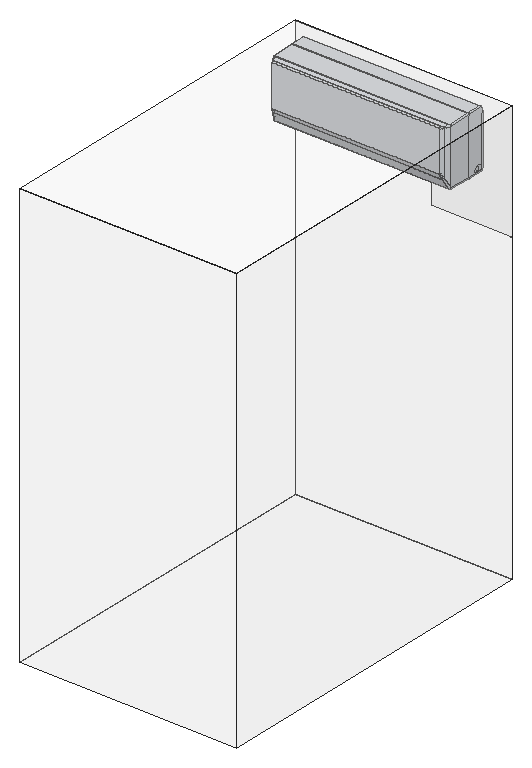
Revit family "pk-rp28_112laka18_60hz", category 機械設備, Revit 2019
Family settings
  丸型コネクタ寸法 = 直径を使用
  パーツ タイプ = 標準
  OmniClass 番号 = 23.75.10.24.21.27.27
  OmniClass タイトル = Split System Air Conditioning Units
  作業面ベース = いいえ
  常に垂直 = はい
  ロード時にボイドで切り取り = いいえ
  共有 = いいえ
  部屋計算ポイント = はい
Parameters (values of type "壁掛_PK-RP28LA2")
  風量_静 (m3/min) = 6.3
  風量_強 (m3/min) = 8.7
  風量_弱 (m3/min) = 7.3
  風量_中 (m3/min) = 8
  風量 = MAX風量  # 522.0 m³/h
  音響パワーレベル（静）(dB) = 45
  音響パワーレベル（弱）(dB) = 48
  音響パワーレベル（中）(dB) = 50
  音響パワーレベル(dB) = 52
  電源種別 = ""
  電源_H = 0 mm
  電圧_電気ヒーター = 0 V
  電圧 = 200 V
  電動機出力_送風機 = 0.03 kW
  運転質量 = 0.00 kg
  連動 = ""
  質量 = if(製品質量 > 運転質量, 製品質量, 運転質量) * 1.2  # 15.00 kg
  負荷分類 = 3_ファン類
  構成品番 = "PK-RP28LA"
  壁掛_PK-RP80_112KA17 = no
  壁掛_PK-RP56_71KA17 = no
  壁掛_PK-RP40_50LA = yes
  冷媒液管位置-Z = 280 mm
  冷媒液管位置-Y = 23 mm
  冷媒液管位置-X = 711 mm
  冷媒ガス管位置-Z = 268 mm
  冷媒ガス管位置-Y = 23 mm
  冷媒ガス管位置-X = 642 mm
  ドレン管径 (外径) = 22 mm
  ドレン位置-Z = 274 mm
  ドレン位置-Y = 37 mm
  ドレン位置-X = 660 mm
  サービススペース PK-RP56KA～PK-RP71KA = no
  サービススペース PK-RP40LA～PK-RP50LA / PK-RP80KA～PK-RP112KA = yes
  URL = "https://www.mitsubishielectric.co.jp/ldg/wink/ssl/displayProduct.do?pid=323474"
  Space Top = 50 mm
  Space Right_1 = 260 mm
  Space Right = 150 mm
  Space Left = 50 mm
  Space Bot_2 = 250 mm
  Space Bot_1 = 7 mm
  MIN２風量 = [風量_静 (m3/min)] * 60.0 m³/h  # 378.0 m³/h
  MIN風量 = [風量_弱 (m3/min)] * 60.0 m³/h  # 438.0 m³/h
  MID風量 = [風量_中 (m3/min)] * 60.0 m³/h  # 480.0 m³/h
  MAX風量 = [風量_強 (m3/min)] * 60.0 m³/h  # 522.0 m³/h
  説明 = "店舗・事務所用パッケージエアコン(Mr.SLIM) 壁掛形<ワイヤード>"
  設計暖房能力 = 0.00 kW
  設計冷房能力_顕熱 = 0 kW
  設計冷房能力 = 0 kW
  設置方法 = "壁掛形"
  記号 = ""
  製造元 = "三菱電機株式会社"
  製品質量 = 12.50 kg
  製品出荷対象 = "国内"
  製品リリース年月 = "2022/10/11"
  製品グループ = ""
  系統 = ""
  符号 = "PAC_WR"
  積算_科目 = "1 空気調和設備"
  積算_拾い区分 [instance] = ""
  相 = 1
  盤記号 = ""
  発停方法 = "付属スイッチ"
  特殊仕様 = ""
  火災停止 = ""
  消費電力_電気ヒーター = 0.00 kW
  消費電力_暖房 = 0.02 kW
  消費電力_加湿器 = 0.00 kW
  消費電力_冷房 = 0.03 kW
  消費電力 = if(消費電力_冷房 > 消費電力_暖房, 消費電力_冷房, 消費電力_暖房) + 消費電力_加湿器 + 消費電力_電気ヒーター  # 0.03 kW
  法定耐用年数 = "6"
  極数 = 1
  材質 = ""
  本体マテリアル = none
  有効加湿量 = 0
  暖房能力 = 2.80 kW
  推奨ブレーカー容量 = 0 A
  形式_加湿器 = ""
  形式 = "壁掛（露出）形"
  幹線記号 = ""
  始動方式 = "直入"
  呼称 = "室内機_壁掛（露出）形"
  周波数 = 60 Hz
  吊り位置Y = 0 mm
  吊り位置X = 0 mm
  吊りボルト_H = 0 mm
  台数_手元リモコン = ""
  台数_冷媒分岐ユニット = ""
  参照している仕様書等のバージョン = "公共建築工事標準仕様書（機械設備工事編）平成31年度版"
  加湿給水管径 = 0.00 mm
  分類コード = "50053003123070"
  分類グループ = ""
  冷房能力 = 2.5 kW
  冷媒高低圧ガス管径 = 0.00 mm
  冷媒管径符号 = "Ac"
  冷媒管径 = 100.00 mm
  冷媒液管径 = 6.35 mm
  冷媒ガス管径 = 12.70 mm
  企業コード = "108420"
  付属品_フィルター = ""
  付属品 = ""
  仕様書バージョン = "Version1.0"
  Model = ""
  パネルマテリアル = none
  ドレン管径 = 16.00 mm
  サービススペース = yes
  コメント [instance] = ""
  ケーブル種類 = ""
  ケーブルサイズ = 0 mm
  Width = 898 mm
  Uniclass2015Version = "Systems v1.9"
  Uniclass2015Title = "Split coil remote air cooled condensing units"
  Uniclass2015Code = "Pr_70_65_03_84"
  SpecificationReference = ""
  SpecificationDescription = ""
  S_H = 356 mm
  Revision = ""
  ProductInformation = ""
  OmniClassCode = "23-33 17 13 11"
  IfcTypeProduct = ""
  IfcProduct = ""
  IfcExportType = "AIRCONDITIONINGUNIT"
  IfcExportAs = "IfcUnitaryEquipmentType"
  Height = 299 mm
  Depth = 237 mm
  価格 = 212000
  Clearance Top = 50 mm
  Clearance Right = 150 mm
  Clearance Left = 50 mm
  Clearance Front = 1500 mm
  Clearance Bottom = 1800 mm
  Clearance Back = 0 mm
  Author = "三菱電機株式会社"
Reference planes
  plane 1 "中心(正面/背面)": y = 0
  plane 2: z = 11
  plane 3 "中心(左/右)": x = 0
  plane 4: x = -449
  plane 5: x = 449
  plane 6: z = -288
  plane 7: y = -242
  plane 8: y = -5
  plane 9: x = -211
  plane 10: x = -193
  plane 11: x = -262
  plane 12: y = -28
  plane 13: y = -28
  plane 14: y = -42
  plane 15: z = -269
  plane 16: z = -257
  plane 17: z = -263
  plane 18: z = 61
  plane 19: x = -499
  plane 20: x = 599
  plane 21: z = -295
  plane 22: z = -538
  plane 23: x = 189
  plane 24: y = -1742
  plane 25: z = -2088
  plane 26: x = -499
  plane 27: x = 599
  plane 28: y = -28
Forms (mm)
  Extrusion 1, solid, detail levels fine
    sketch origin (-88.875, 0, -1713) x (-1, 0, 0) y (0, 0, 1)
      loop
        line (-487.875, 1574) -> (-487.875, 1549) -> (-462.875, 1549) -> (-462.875, 1574) -> (-487.875, 1574)
    from -1 to 0
  Extrusion 2, solid, detail levels fine
    sketch origin (0, 0, 0) x (0, 1, 0) y (0, 0, 1)
      loop
        circle (-42, -263) r 11
    from 444 to 449
  Extrusion 3, solid, detail levels fine
    sketch origin (0, 0, 0) x (0, 1, 0) y (0, 0, 1)
      loop
        circle (-28, -263) r 15
    from 444 to 449
Dimensions and locks
  equal spacing: plane 5, plane 3 "中心(左/右)", plane 4
  "Width": plane 5 to plane 4
  "Height": level to plane 6
  locked: plane 8 to plane 1 "中心(正面/背面)" at 5
  "Depth": plane 7 to plane 8
  "ドレン位置-X": plane 5 to plane 9
  "冷媒ガス管位置-X": plane 5 to plane 10
  "冷媒液管位置-X": plane 5 to plane 11
  "ドレン位置-Y": plane 14 to plane 8
  "冷媒ガス管位置-Y": plane 13 to plane 8
  "冷媒液管位置-Y": plane 12 to plane 8
  "ドレン位置-Z": level to plane 17
  "冷媒ガス管位置-Z": level to plane 16
  "冷媒液管位置-Z": level to plane 15
  "Space Top": plane 18 to level
  "Space Left": plane 4 to plane 19
  "Space Right": plane 20 to plane 5
  "Space Bot_1": plane 6 to plane 21
  "Space Bot_2": plane 6 to plane 22
  "Space Right_1": plane 5 to plane 23
  equal spacing: plane 16, Extrusion 3 sketch curve, plane 15
  equal spacing: plane 12, Extrusion 3 sketch curve, plane 13
  locked: plane 5 to Extrusion 3 at 5
  "Clearance Front": plane 24 to plane 7
  "Clearance Bottom": plane 6 to plane 25
  "Clearance Left": plane 4 to plane 26
  "Clearance Right": plane 27 to plane 5
  plane 5 to Extrusion 1 sketch curve = 50 mm
  nested 3 to Extrusion 1 sketch curve = 150 mm
  "Clearance Top": nested 4 to plane 2
  "ドレン管径 (外径)": diameter of Extrusion 2 sketch curve
  aligned and locked: level to plane 2
  aligned and locked: plane 1 "中心(正面/背面)" to nested 1
  aligned and locked: plane 1 "中心(正面/背面)" to nested 2
  aligned and locked: plane 1 "中心(正面/背面)" to nested 3
  aligned and locked: level to nested 1
  aligned and locked: level to nested 3
  aligned and locked: plane 3 "中心(左/右)" to nested 2
  aligned and locked: plane 3 "中心(左/右)" to nested 1
  aligned and locked: plane 3 "中心(左/右)" to nested 3
  aligned and locked: plane 14 to Extrusion 2 sketch curve
  aligned and locked: plane 17 to Extrusion 2 sketch curve
  aligned and locked: plane 5 to Extrusion 3
  aligned and locked: plane 5 to Extrusion 2
  aligned and locked: Extrusion 3 to Extrusion 2
  aligned and locked: plane 1 "中心(正面/背面)" to nested 4
  aligned and locked: plane 24 to nested 4
  aligned and locked: plane 25 to nested 4
  aligned and locked: plane 26 to nested 4
  aligned and locked: plane 27 to nested 4
  aligned and locked: plane 18 to nested 4
  aligned and locked: plane 1 "中心(正面/背面)" to nested 5
  aligned and locked: plane 3 "中心(左/右)" to nested 5
  aligned and locked: plane 2 to nested 3
Automatic sketch dimensions
  Extrusion 1 sketch curve to plane 5 = 75 mm
  Extrusion 1 sketch curve to Extrusion 1 sketch curve = 25 mm
  radius of Extrusion 3 sketch curve = 15 mm
Nested families
  nested 1: "pk-rp40_50(la)ka17" at (0, 0, 10), type "壁掛_PK-RP40_50LA", detail levels fine
  nested 2: "pk-rp56_71(la)ka17" at (0, 0, 11), type "壁掛_PK-RP56_71KA17"
    with 壁掛_PK-RP56-71KA17 no
  nested 3: "pk-rp80_112(la)ka17" at (0, 0, 11), type "壁掛_PK-RP80_112KA17"
    with 壁掛_PK-RP80_112KA17 no, 冷媒液管径 6.35 mm, 冷媒ガス管径 12.70 mm
  nested 4: "サービススペース" at (50, -871, -1013.5), visible <- "サービススペース", type "サービススペース"
    with Width 1098 mm, Height 2149 mm, Depth 1742 mm
  nested 5: "Space View" at (0, 0, 11), Bot_1 <- "Space Bot_1", Bot_2 <- "Space Bot_2", Hight <- "Height", Left <- "Space Left", Right <- "Space Right", Right_1 <- "Space Right_1", Top <- "Space Top", Width <- "Width", Space View <- "サービススペース PK-RP40LA～PK-RP50LA / PK-RP80KA～PK-RP112KA", type "Space View"
    with Width 898 mm, Top 50 mm, Space View yes, Right_1 260 mm, Right 150 mm, Left 50 mm, Hight 299 mm, Bot_2 250 mm, Bot_1 7 mm
Connectors
  piping at (449, -42, -263), diameter 22, driven by "ドレン管径 (外径)"
    settings: on Extrusion 2, index 1, connector inside diameter 609.60 mm, connector length 0 mm, flow factor 0, pipe flow 0.0 L/s, pressure drop 0.0 Pa, fitting loss kfactor 0, connector angle 0.00°, fixture units 0, engagement length 0 mm, angle of deflection 0.00°, flow configuration 1, flow direction 2, fitting loss method 4, system type 16, joint type 0, gender type 0, connector reference index -1, connector utility 0, adjustable connector no, is connector primary yes, connector description ""
  piping at (449, -28, -263), diameter 100, driven by "冷媒管径", driven by "冷媒管径符号"
    settings: on Extrusion 3, index 2, connector inside diameter 609.60 mm, connector length 0 mm, flow factor 0, pipe flow 0.0 L/s, pressure drop 0.0 Pa, fitting loss kfactor 0, connector angle 0.00°, fixture units 0, engagement length 0 mm, angle of deflection 0.00°, flow configuration 1, flow direction 1, fitting loss method 4, system type 7, joint type 0, gender type 0, connector reference index -1, connector utility 0, adjustable connector no, is connector primary no, connector description "Ac"
  electrical at (386.5, 0, -151.5), driven by "極数", driven by "負荷分類", driven by "電圧", driven by "消費電力"
    settings: on Extrusion 1, index 3, voltage 200 V, apparent load 30 VA, apparent load phase1 0 VA, apparent load phase2 0 VA, apparent load phase3 0 VA, power factor 1, load classification "3_ファン類", number of poles 1, system type 30, power factor state 1, is connector primary yes, connector utility no, sub classification motor no, connector description ""
Definition of nested family "pk-rp40_50(la)ka17"
  Parameters (values of type "壁掛_PK-RP40_50LA")
    壁掛_PK-RP40_50LA = yes
    冷媒液管位置-Y = 37 mm
    冷媒液管位置-X = 711 mm
    冷媒ガス管位置-Y = 23 mm
    冷媒ガス管位置-X = 642 mm
    ドレン管径 (外径) = 22 mm
    ドレン位置-Y = 23 mm
    ドレン位置-X = 660 mm
    URL = ""
    Description = ""
    Manufacturer = ""
    冷媒管径符号 = "Ac"
    冷媒管径 = 100.00 mm
    冷媒液管位置-Z = 280 mm
    冷媒液管径 = 6.35 mm
    冷媒ガス管位置-Z = 268 mm
    冷媒ガス管径 = 12.70 mm
    Model = ""
    ドレン位置-Z = 274 mm
    ドレン管径 = 16.00 mm
    Width = 898 mm
    S_H = 356 mm
    Height = 299 mm
    Depth = 237 mm
    Cost = 0
  Reference planes
    plane 1 "中心(正面/背面)": y = 0
    plane 2: z = 1
    plane 3 "中心(左/右)": x = 0
    plane 4 "UNDER": z = -298
    plane 5 "Left": x = -449
    plane 6: x = 449
    plane 7 "Fkidasi_L": x = -400
    plane 8 "Fkidasi_X": x = -262
    plane 9 "Fkidasi_Y": x = -193
    plane 10: y = -5
    plane 11: y = -42
    plane 12: y = -242
    plane 13: z = -279
    plane 14: z = -267
    plane 15: z = -273
    plane 16: y = -28
    plane 17: y = -28
    plane 18: x = -211
    plane 19: z = 1
    plane 20: x = 0
    plane 21: x = 0
  Forms (mm)
    Extrusion 1, void, detail levels fine
      sketch origin (0, 75, -2499) x (0, -1, 0) y (0, 0, 1)
        loop
          line (89, 2500) -> (80, 2500) -> (80, 2487) -> (89, 2500)
      from 449 to -449
    Extrusion 2, solid, visible <- "壁掛_PK-RP40_50LA", detail levels fine
      sketch origin (0, 0, -2509.072) x (-1, 0, 0) y (0, 0, 1)
        loop
          line (449, 2485.072) -> (-449, 2485.072) -> (-449, 2224.072) -> (449, 2224.072) -> (449, 2485.072)
      from 0 to -5
    Extrusion 3, solid, visible <- "壁掛_PK-RP40_50LA", detail levels fine
      sketch origin (0, -5, -2499) x (0, 0, -1) y (-1, 0, 0)
        loop
          line (-2500, 444) -> (-2500, -444)
          arc (-2500, -444) -> (-2498.536, -447.536) -> (-2495, -449) r 5
          line (-2495, -449) -> (-2206, -449)
          arc (-2206, -449) -> (-2202.464, -447.536) -> (-2201, -444) r 5
          line (-2201, -444) -> (-2201, 444)
          arc (-2201, 444) -> (-2202.464, 447.536) -> (-2206, 449) r 5
          line (-2206, 449) -> (-2495, 449)
          arc (-2495, 449) -> (-2498.536, 447.536) -> (-2500, 444) r 5
      from 0 to -83
    Blend 4, solid, visible <- "壁掛_PK-RP40_50LA"
      base sketch origin (0, -202, -1799) x (0, 0, 1) y (1, 0, 0)
        loop
          line (1796, -444) -> (1796, 444)
          arc (1796, 444) -> (1794.536, 447.536) -> (1791, 449) r 5
          line (1791, 449) -> (1515, 449)
          arc (1515, 449) -> (1508.636, 446.364) -> (1506, 440) r 9
          line (1506, 440) -> (1506, -440)
          arc (1506, -440) -> (1508.636, -446.364) -> (1515, -449) r 9
          line (1515, -449) -> (1791, -449)
          arc (1791, -449) -> (1794.536, -447.536) -> (1796, -444) r 5
      top sketch origin (0, -202, -1799) x (0, 0, 1) y (1, 0, 0)
        loop
          line (1793, -427) -> (1793, 427)
          arc (1793, 427) -> (1791.536, 430.536) -> (1788, 432) r 5
          line (1788, 432) -> (1559, 432)
          arc (1559, 432) -> (1555.464, 430.536) -> (1554, 427) r 5
          line (1554, 427) -> (1554, -427)
          arc (1554, -427) -> (1555.464, -430.536) -> (1559, -432) r 5
          line (1559, -432) -> (1788, -432)
          arc (1788, -432) -> (1791.536, -430.536) -> (1793, -427) r 5
      from 0 to -25
    Blend 5, solid, visible <- "壁掛_PK-RP40_50LA", detail levels fine
      base sketch origin (0, -227, -1799) x (0, 0, 1) y (1, 0, 0)
        loop
          arc (1793, 427) -> (1791.536, 430.536) -> (1788, 432) r 5
          line (1788, 432) -> (1559, 432)
          arc (1559, 432) -> (1555.464, 430.536) -> (1554, 427) r 5
          line (1554, 427) -> (1554, -427)
          arc (1554, -427) -> (1555.464, -430.536) -> (1559, -432) r 5
          line (1559, -432) -> (1788, -432)
          arc (1788, -432) -> (1791.536, -430.536) -> (1793, -427) r 5
          line (1793, -427) -> (1793, 427)
      top sketch origin (0, -227, -1799) x (0, 0, 1) y (1, 0, 0)
        loop
          line (1793, -419) -> (1793, 419)
          arc (1793, 419) -> (1791.536, 422.536) -> (1788, 424) r 5
          line (1788, 424) -> (1590, 424)
          arc (1590, 424) -> (1586.464, 422.536) -> (1585, 419) r 5
          line (1585, 419) -> (1585, -419)
          arc (1585, -419) -> (1586.464, -422.536) -> (1590, -424) r 5
          line (1590, -424) -> (1788, -424)
          arc (1788, -424) -> (1791.536, -422.536) -> (1793, -419) r 5
      from 0 to -15
    Blend 6, solid, visible <- "壁掛_PK-RP40_50LA", detail levels fine
      base sketch origin (62.5, -88, -1799) x (0, 0, 1) y (1, 0, 0)
        loop
          arc (1800, 381.5) -> (1798.536, 385.036) -> (1795, 386.5) r 5
          line (1795, 386.5) -> (1506, 386.5)
          arc (1506, 386.5) -> (1502.464, 385.036) -> (1501, 381.5) r 5
          line (1501, 381.5) -> (1501, -506.5)
          arc (1501, -506.5) -> (1502.464, -510.036) -> (1506, -511.5) r 5
          line (1506, -511.5) -> (1795, -511.5)
          arc (1795, -511.5) -> (1798.536, -510.036) -> (1800, -506.5) r 5
          line (1800, -506.5) -> (1800, 381.5)
      top sketch origin (62.5, -88, -1799) x (0, 0, 1) y (1, 0, 0)
        loop
          line (1796, -506.5) -> (1796, 381.5)
          arc (1796, 381.5) -> (1794.536, 385.036) -> (1791, 386.5) r 5
          line (1791, 386.5) -> (1511, 386.5)
          arc (1511, 386.5) -> (1507.464, 385.036) -> (1506, 381.5) r 5
          line (1506, 381.5) -> (1506, -502.5)
          arc (1506, -502.5) -> (1508.636, -508.864) -> (1515, -511.5) r 9
          line (1515, -511.5) -> (1791, -511.5)
          arc (1791, -511.5) -> (1794.536, -510.036) -> (1796, -506.5) r 5
      from 0 to -114
    Sweep 7, solid, visible <- "壁掛_PK-RP40_50LA", detail levels fine
      path origin (0, 75, -1799) x (-1, 0, 0) y (0, 0, 1)
        loop
          line (262, 1521) -> (-271, 1521)
      profile origin (4.5, 75, -278) x (0, 0, -1) y (0, 1, 0)
        loop
          circle (1, -103) r 3.175
    Sweep 8, solid, visible <- "壁掛_PK-RP40_50LA", detail levels fine
      path origin (0, 75, -1799) x (-1, 0, 0) y (0, 0, 1)
        loop
          line (-257, 1533) -> (193, 1533)
      profile origin (32, 75, -266) x (0, 0, 1) y (0, 1, 0)
        loop
          circle (-1, -103) r 6.35
    Sweep 9, solid, visible <- "壁掛_PK-RP40_50LA", detail levels fine
      path origin (0, 75, -1799) x (-1, 0, 0) y (0, 0, 1)
        loop
          line (211, 1527) -> (-289, 1527)
      profile origin (39, 75, -272) x (0, 0, -1) y (0, 1, 0)
        loop
          circle (1, -117) r 11
  Cuts and joins
    Extrusion 1 cuts Extrusion 3
  Lines and regions (mm)
    model lines, visible <- "壁掛_PK-RP40_50LA", detail levels fine
      curve 1: line (274, -5, -298) -> (274, -54, -298)
      curve 2: line (292, -72, -298) -> (331, -72, -298)
      curve 3: line (349, -54, -298) -> (349, -5, -298)
      curve 4: line (324, -54, -298) -> (324, -5, -298)
      curve 5: arc (292, -72, -298) -> (279.272, -66.728, -298) -> (274, -54, -298) r 18
      curve 6: arc (306, -72, -298) -> (318.728, -66.728, -298) -> (324, -54, -298) r 18
      curve 7: arc (331, -72, -298) -> (343.728, -66.728, -298) -> (349, -54, -298) r 18
      curve 8: line (-430, -5, -298) -> (-430, -54, -298)
      curve 9: line (-412, -72, -298) -> (-378, -72, -298)
      curve 10: line (-360, -54, -298) -> (-360, -5, -298)
      curve 11: line (-399.073, -53.123, -298) -> (-399.073, -5, -298)
      curve 12: arc (-412, -72, -298) -> (-424.728, -66.728, -298) -> (-430, -54, -298) r 18
      curve 13: arc (-399.073, -53.123, -298) -> (-394.55, -65.481, -298) -> (-383.118, -72, -298) r 19.145
      curve 14: arc (-360, -54, -298) -> (-365.272, -66.728, -298) -> (-378, -72, -298) r 18
      curve 15: line (366.5, -202, -293) -> (366.5, -208.929, -279.696)
      curve 16: line (366.5, -208.929, -279.696) -> (326.5, -208.929, -279.696)
      curve 17: line (326.5, -208.929, -279.696) -> (326.5, -202, -293)
      curve 18: line (326.5, -202, -293) -> (326.5, -188.513, -293.592)
      curve 19: line (326.5, -188.513, -293.592) -> (366.5, -188.513, -293.592)
      curve 20: line (366.5, -188.513, -293.592) -> (366.5, -202, -293)
      curve 21: line (449, -5, -229) -> (449, -52, -229)
      curve 22: line (449, -70, -247) -> (449, -70, -270)
      curve 23: line (449, -52, -288) -> (449, -5, -288)
      curve 24: line (449, -49.143, -241) -> (449, -5, -241)
      curve 25: arc (449, -52, -288) -> (449, -64.728, -282.728) -> (449, -70, -270) r 18
      curve 26: arc (449, -52, -229) -> (449, -64.728, -234.272) -> (449, -70, -247) r 18
      curve 27: arc (449, -70, -261.857) -> (449, -63.891, -247.109) -> (449, -49.143, -241) r 20.857
      curve 28: line (-449, -5, -288) -> (-449, -52, -288)
      curve 29: line (-449, -70, -270) -> (-449, -70, -236)
      curve 30: line (-449, -52, -218) -> (-449, -5, -218)
      curve 31: line (-449, -5, -238) -> (-449, -52, -238)
      curve 32: arc (-449, -52, -288) -> (-449, -64.728, -282.728) -> (-449, -70, -270) r 18
      curve 33: arc (-449, -70, -236) -> (-449, -64.728, -223.272) -> (-449, -52, -218) r 18
      curve 34: arc (-449, -70, -256) -> (-449, -64.728, -243.272) -> (-449, -52, -238) r 18
      curve 35: line (-400, -227, -245) -> (-400, -202, -293)
      curve 36: line (250, -227, -245) -> (250, -202, -293)
      curve 37: line (250, -202, -293) -> (250, -88, -298)
      curve 38: line (-400, -200.122, -293.082) -> (-400, -88, -298)
  Dimensions and locks
    "Width": plane 5 "Left" to plane 6
    plane 5 "Left" to plane 3 "中心(左/右)" to plane 6 = 449 mm, 449 mm
    equal spacing: plane 5 "Left", plane 3 "中心(左/右)", plane 6
    "Depth": plane 10 to plane 12
    "ドレン位置-Z": level to plane 15
    "冷媒ガス管位置-Z": level to plane 14
    "冷媒液管位置-Z": level to plane 13
    "Height": level to plane 4 "UNDER"
    "ドレン位置-Y": plane 10 to plane 17
    "冷媒ガス管位置-Y": plane 10 to plane 16
    "冷媒液管位置-Y": plane 10 to plane 11
    "冷媒液管位置-X": plane 6 to plane 8 "Fkidasi_X"
    "冷媒ガス管位置-X": plane 6 to plane 9 "Fkidasi_Y"
    "ドレン位置-X": plane 6 to plane 18
    locked: plane 10 to plane 1 "中心(正面/背面)" at 5
    "冷媒液管径": diameter of Sweep 7 sketch curve
    "冷媒ガス管径": diameter of Sweep 8 sketch curve
    "ドレン管径 (外径)": diameter of Sweep 9 sketch curve
    aligned and locked: level to plane 2
    aligned and locked: Sweep 8 to plane 9 "Fkidasi_Y"  (x2)
    aligned and locked: Sweep 7 to plane 8 "Fkidasi_X"
    aligned and locked: plane 12 to Blend 5
    aligned and locked: plane 15 to Sweep 9 sketch curve
    aligned and locked: plane 14 to Sweep 8 sketch curve
    aligned and locked: plane 13 to Sweep 7 sketch curve
    aligned and locked: plane 17 to Sweep 7 sketch curve
    aligned and locked: plane 16 to Sweep 8 sketch curve
    aligned and locked: plane 11 to Sweep 9 sketch curve
    aligned and locked: plane 20 to plane 3 "中心(左/右)"
    aligned and locked: plane 21 to plane 20
  Automatic sketch dimensions
    Extrusion 1 sketch curve to plane 10 = 0 mm
    Extrusion 1 sketch curve to plane 10 = 9 mm
    Extrusion 2 sketch curve to plane 6 = 0 mm
    plane 5 "Left" to Extrusion 2 sketch curve = 0 mm
    Extrusion 2 sketch curve to level = 286 mm
    Extrusion 3 sketch curve to plane 6 = 0 mm
    plane 5 "Left" to Extrusion 3 sketch curve = 0 mm
    Extrusion 3 sketch curve to level = 299 mm
    Extrusion 3 sketch curve to level = 294 mm  (x2)
    plane 5 "Left" to Blend 4 sketch curve = 0 mm
    Blend 4 sketch curve to plane 6 = 0 mm
    Blend 4 sketch curve to level = 294 mm
    Blend 4 sketch curve to Blend 4 sketch curve = 9 mm  (x2)
    Blend 4 sketch curve to plane 6 = 5 mm
    Blend 4 sketch curve to plane 6 = 22 mm
    Blend 4 sketch curve to level = 246 mm
    Blend 4 sketch curve to Blend 4 sketch curve = 5 mm  (x4)
    Blend 4 sketch curve to plane 5 "Left" = 22 mm
    Blend 5 sketch curve to level = 246 mm
    Blend 5 sketch curve to Blend 5 sketch curve = 5 mm  (x7)
    Blend 5 sketch curve to plane 5 "Left" = 17 mm
    Blend 5 sketch curve to plane 6 = 22 mm
    Blend 5 sketch curve to plane 7 "Fkidasi_L" = 19 mm
    Blend 5 sketch curve to level = 215 mm
    Blend 5 sketch curve to plane 6 = 30 mm
    Blend 6 sketch curve to level = 299 mm
    Blend 6 sketch curve to plane 6 = 0 mm  (x2)
    plane 5 "Left" to Blend 6 sketch curve = 0 mm  (x2)
    Blend 6 sketch curve to level = 294 mm  (x3)
    Blend 6 sketch curve to plane 6 = 5 mm  (x2)
    Blend 6 sketch curve to Blend 6 sketch curve = 9 mm
    curve 11 to Extrusion 3 = 0 mm
    curve 1 to Extrusion 3 = 0 mm
    curve 8 to Extrusion 3 = 0 mm
    curve 4 to Extrusion 3 = 0 mm
    curve 3 to Extrusion 3 = 0 mm
    curve 10 to Extrusion 3 = 0 mm
    curve 13 to Extrusion 3 = 34.877 mm
    curve 12 to curve 13 = 0.877 mm
    curve 10 to curve 13 = 0.877 mm
    curve 3 to Extrusion 3 = 34 mm
    curve 4 to curve 7 = 0 mm
    curve 9 to Extrusion 3 = 16 mm
    curve 2 to Extrusion 3 = 16 mm
    Extrusion 3 to curve 3 = 95 mm
    curve 7 to curve 4 = 7 mm
    curve 6 to curve 2 = 14 mm
    Extrusion 3 to curve 10 = 84 mm
    curve 14 to curve 13 = 1.927 mm
    curve 13 to curve 11 = 19.145 mm
    curve 13 to curve 12 = 12.927 mm
    curve 35 to Blend 4 = 0 mm
    Blend 4 to curve 35 = 0 mm
    Blend 4 to curve 36 = 0 mm
    curve 36 to Blend 4 = 0 mm
    curve 17 to Blend 4 = 0 mm
    curve 15 to Blend 4 = 0 mm
    Blend 4 to curve 17 = 15 mm
    curve 17 to Blend 4 = 106.857 mm
    curve 16 to curve 15 = 40 mm
    curve 36 to curve 17 = 76.5 mm
    curve 35 to curve 36 = 650 mm
    curve 38 to Blend 6 = 0 mm
    curve 37 to Blend 6 = 0 mm
    Blend 6 to curve 37 = 0 mm
    Blend 6 to curve 18 = 0 mm
    Blend 6 to curve 20 = 0 mm
    Blend 6 to curve 19 = 13.5 mm
    curve 19 to Blend 6 = 117.5 mm
    curve 18 to curve 19 = 40 mm
    curve 37 to curve 18 = 76.5 mm
    curve 38 to curve 37 = 650 mm
    Blend 6 to curve 38 = 1.879 mm
    curve 21 to Extrusion 3 = 0 mm
    curve 24 to Extrusion 3 = 0 mm
    curve 23 to Extrusion 3 = 0 mm
    curve 21 to curve 24 = 12 mm
    Extrusion 3 to curve 22 = 18 mm
    curve 24 to curve 22 = 6 mm
    curve 26 to curve 27 = 14.857 mm
    curve 27 to curve 25 = 8.143 mm
    curve 23 to Extrusion 3 = 5 mm
    curve 28 to Extrusion 3 = 0 mm
    curve 31 to Extrusion 3 = 0 mm
    curve 30 to Extrusion 3 = 0 mm
    curve 28 to Extrusion 3 = 5 mm
    curve 29 to Extrusion 3 = 23 mm
    curve 32 to curve 34 = 14 mm
    curve 34 to curve 31 = 18 mm
    curve 34 to curve 33 = 2 mm
    curve 33 to curve 30 = 18 mm
    Extrusion 3 to curve 32 = 36 mm
    Sweep 7 sketch curve to plane 8 "Fkidasi_X" = 0 mm
    Sweep 8 sketch curve to plane 9 "Fkidasi_Y" = 0 mm
    Sweep 9 sketch curve to plane 9 "Fkidasi_Y" = 18 mm
    Extrusion 1 sketch curve to level = 13 mm
    Extrusion 1 sketch curve to level = 0 mm
    Extrusion 2 sketch curve to level = 25 mm
    Extrusion 3 sketch curve to level = 5 mm  (x2)
    Extrusion 3 sketch curve to level = 0 mm
    Blend 4 sketch curve to level = 9 mm  (x2)
    Blend 4 sketch curve to level = 12 mm
    Blend 5 sketch curve to level = 12 mm  (x3)
    Blend 6 sketch curve to level = 5 mm  (x2)
    Blend 6 sketch curve to level = 0 mm
    Blend 6 sketch curve to level = 9 mm  (x2)
    plane 13 to Sweep 7 sketch curve = 1 mm
    plane 14 to Sweep 8 sketch curve = 1 mm
    plane 15 to Sweep 9 sketch curve = 1 mm
    curve 5 to curve 6 = 0 mm
    Sweep 7 sketch curve to plane 6 = 178 mm
    Sweep 8 sketch curve to plane 6 = 192 mm
    Sweep 9 sketch curve to plane 6 = 160 mm
    curve 22 to Extrusion 3 = 23 mm
Definition of nested family "サービススペース"
  Parameters (values of type "サービススペース")
    Width [instance] = 500 mm
    Height [instance] = 500 mm
    Depth [instance] = 500 mm
  Reference planes
    plane 1 "中心(正面/背面)": y = 0
    plane 2: z = 0
    plane 3 "中心(左/右)": x = 0
    plane 4: y = -250
    plane 5: x = 250
    plane 6: y = 250
    plane 7: x = -250
    plane 8: z = 250
    plane 9: z = -250
  Forms (mm)
    Extrusion 1, solid
      sketch origin (-638.939, 0, 72.39) x (1, 0, 0) y (0, 1, 0)
        loop
          line (388.939, 250) -> (388.939, -250) -> (888.939, -250) -> (888.939, 250) -> (388.939, 250)
      from -322.39 to 177.61
  Lines and regions (mm)
    symbolic lines
      curve 1: line (-250, 0, 250) -> (250, 0, 250)
      curve 2: line (-250, 0, -250) -> (-250, 0, 250)
      curve 3: line (250, 0, -250) -> (-250, 0, -250)
      curve 4: line (250, 0, 250) -> (250, 0, -250)
      curve 5: line (0, -250, 250) -> (0, 250, 250)
      curve 6: line (0, -250, -250) -> (0, -250, 250)
      curve 7: line (0, 250, -250) -> (0, -250, -250)
      curve 8: line (0, 250, 250) -> (0, 250, -250)
      curve 9: line (-250, 250, 0) -> (250, 250, 0)
      curve 10: line (-250, -250, 0) -> (-250, 250, 0)
      curve 11: line (250, -250, 0) -> (-250, -250, 0)
      curve 12: line (250, 250, 0) -> (250, -250, 0)
  Dimensions and locks
    equal spacing: plane 7, plane 3 "中心(左/右)", plane 5
    equal spacing: plane 4, plane 1 "中心(正面/背面)", plane 6
    "Depth": plane 4 to plane 6
    "Width": plane 7 to plane 5
    equal spacing: plane 8, plane 2, plane 9
    "Height": plane 8 to plane 9
    aligned and locked: plane 9 to curve 3
    aligned and locked: plane 7 to curve 2
    aligned and locked: curve 4 to plane 5
    aligned and locked: plane 5 to Extrusion 1
    aligned and locked: Extrusion 1 to plane 7
    aligned and locked: Extrusion 1 to plane 9
    aligned and locked: plane 8 to Extrusion 1
    aligned and locked: plane 9 to curve 7
  Automatic sketch dimensions
    plane 4 to Extrusion 1 sketch curve = 0 mm
    Extrusion 1 sketch curve to plane 7 = 0 mm
    Extrusion 1 sketch curve to plane 5 = 0 mm
    plane 6 to Extrusion 1 sketch curve = 0 mm
    curve 2 to plane 8 = 0 mm
    plane 4 to curve 11 = 0 mm
    curve 11 to plane 7 = 0 mm
    curve 11 to plane 5 = 0 mm
    plane 6 to curve 10 = 0 mm
    curve 7 to plane 4 = 0 mm
    curve 7 to plane 6 = 0 mm
    curve 6 to plane 8 = 0 mm
Definition of nested family "Space View"
  Parameters (values of type "Space View")
    Width [instance] = 898 mm
    Top [instance] = 50 mm
    Space View [instance] = yes
    Right_1 [instance] = 260 mm
    Right [instance] = 150 mm
    Left [instance] = 50 mm
    Hight [instance] = 299 mm
    Bot_2 [instance] = 250 mm
    Bot_1 [instance] = 7 mm
  Reference planes
    plane 1 "Center (Front/Back)": y = 0
    plane 2: z = 0
    plane 3 "Center (Left/Right)": x = 0
    plane 4: x = -499
    plane 5: z = 50
    plane 6: x = 599
    plane 7: z = -306
    plane 8: z = -549
    plane 9: x = -449
    plane 10: x = 449
    plane 11: z = -299
    plane 12: x = 189
  Forms (mm)
    Extrusion 1, solid, visible <- "Space View"
      sketch origin (0, 0, -1800) x (-1, 0, 0) y (0, 0, 1)
        loop
          line (499, 1850) -> (-599, 1850) -> (-599, 1251) -> (-189, 1251) -> (-189, 1494) -> (499, 1494) -> (499, 1850)
      from 0 to -1
  Dimensions and locks
    equal spacing: plane 10, plane 3 "Center (Left/Right)", plane 9
    "Width": plane 10 to plane 9
    "Right": plane 10 to plane 6
    "Left": plane 9 to plane 4
    "Hight": level to plane 11
    "Bot_1": plane 11 to plane 7
    "Bot_2": plane 11 to plane 8
    "Top": plane 5 to level
    "Right_1": plane 12 to plane 10
    aligned and locked: level to plane 2
    aligned and locked: Extrusion 1 to plane 4
    aligned and locked: plane 5 to Extrusion 1
    aligned and locked: plane 6 to Extrusion 1
    aligned and locked: plane 7 to Extrusion 1
    aligned and locked: plane 8 to Extrusion 1
    aligned and locked: plane 5 to Extrusion 1 sketch curve
    aligned and locked: Extrusion 1 sketch curve to plane 4
    aligned and locked: Extrusion 1 sketch curve to plane 7
    aligned and locked: Extrusion 1 sketch curve to plane 8
    aligned and locked: Extrusion 1 sketch curve to plane 6
    aligned and locked: plane 12 to Extrusion 1
  Automatic sketch dimensions
    plane 10 to Extrusion 1 sketch curve = 260 mm
Definition of nested family "pk-rp56_71(la)ka17"
  Parameters (values of type "壁掛_PK-RP56_71KA17")
    壁掛_PK-RP56-71KA17 = yes
    冷媒液管位置-Z = 250 mm
    冷媒液管位置-Y = 25 mm
    冷媒液管位置-X = 673 mm
    冷媒ガス管位置-Z = 270 mm
    冷媒ガス管位置-Y = 25 mm
    冷媒ガス管位置-X = 603 mm
    ドレン管径 (外径) = 22 mm
    ドレン位置-Z = 300 mm
    ドレン位置-Y = 25 mm
    ドレン位置-X = 733 mm
    URL = ""
    Description = ""
    Manufacturer = ""
    冷媒管径符号 = "Ac"
    冷媒管径 = 100.00 mm
    冷媒液管径 = 6.35 mm
    冷媒ガス管径 = 12.70 mm
    Model = ""
    ドレン管径 = 16.00 mm
    Width = 1100 mm
    S_H = 404 mm
    Height = 325 mm
    Depth = 258 mm
    Cost = 0
  Reference planes
    plane 1 "中心(正面/背面)": y = 0
    plane 2: z = 0
    plane 3 "中心(左/右)": x = 0
    plane 4 "TOP": z = 0
    plane 5 "UNDER": z = -325
    plane 6 "Left": x = -550
    plane 7: x = 550
    plane 8 "Fkidasi_V": z = -332
    plane 9 "Fkidasi_Z": z = -300
    plane 10 "Fkidasi_AA": z = -270
    plane 11 "Fkidasi_BB": z = -250
    plane 12: x = 377
    plane 13 "Fkidasi_CC": x = -183
    plane 14 "Fkidasi_DD": x = -123
    plane 15 "Fkidasi_EE": x = -53
    plane 16: y = -5
    plane 17: y = -263
    plane 18: y = -30
    plane 19: y = -30
    plane 20: y = -30
    plane 21: z = 0
    plane 22: x = 0
  Forms (mm)
    Sweep 1, solid, visible <- "壁掛_PK-RP56-71KA17", detail levels fine
      path origin (0, 85, -1776) x (-1, 0, 0) y (0, 0, 1)
        loop
          line (-377, 1506) -> (53, 1506)
      profile origin (162, 85, -270) x (0, 0, 1) y (0, 1, 0)
        loop
          circle (0, -115) r 6.35
    Sweep 2, solid, visible <- "壁掛_PK-RP56-71KA17", detail levels fine
      path origin (0, 85, -1744) x (-1, 0, 0) y (0, 0, 1)
        loop
          line (123, 1494) -> (-377, 1494)
      profile origin (127, 85, -250) x (0, 0, -1) y (0, 1, 0)
        loop
          circle (0, -115) r 3.175
    Sweep 3, solid, visible <- "壁掛_PK-RP56-71KA17", detail levels fine
      path origin (0, 75, -1850) x (-1, 0, 0) y (0, -1, 0)
        loop
          line (183, 105) -> (-377, 105)
      profile origin (97, -30, -1850) x (0, 1, 0) y (0, 0, 1)
        loop
          circle (0, 1550) r 11
    Extrusion 4, solid, visible <- "壁掛_PK-RP56-71KA17"
      sketch origin (-572, -4.93, 72) x (0, 0, -1) y (0, -1, 0)
        loop
          arc (72, 6.933) -> (72.338, 5.549) -> (73.277, 4.477) r 3
          line (73.277, 4.477) -> (78.269, 0.976)
          arc (78.269, 0.976) -> (79.634, 0.302) -> (81.14, 0.07) r 5
          line (81.14, 0.07) -> (93.863, 0.07) -> (93.863, -3.73)
          arc (93.863, -3.73) -> (94.214, -4.579) -> (95.063, -4.93) r 1.2
          line (95.063, -4.93) -> (382.983, -4.93)
          arc (382.983, -4.93) -> (383.752, -4.777) -> (384.402, -4.34) r 2
          line (384.402, -4.34) -> (391.687, 2.995) -> (393.576, 2.486) -> (396.064, 2.486) -> (396.064, 74.487) -> (397, 74.487) -> (396.249, 96.275)
          arc (396.249, 96.275) -> (386.433, 144.686) -> (361.405, 187.272) r 149.804
          arc (361.405, 187.272) -> (360.715, 187.808) -> (359.863, 187.999) r 2
          line (359.863, 187.999) -> (351.218, 187.999) -> (351.218, 189.494) -> (358.547, 189.494)
          arc (358.547, 189.494) -> (359.077, 189.813) -> (359.045, 190.43) r 0.6
          arc (359.045, 190.43) -> (356.535, 194.254) -> (354.116, 198.136) r 193.914
          arc (354.116, 198.136) -> (346.059, 210.496) -> (337.22, 222.309) r 228.274
          line (337.22, 222.309) -> (330.325, 231.46)
          arc (330.325, 231.46) -> (329.848, 231.872) -> (329.245, 232.052) r 1.5
          arc (329.245, 232.052) -> (268.628, 247.266) -> (206.817, 256.492) r 639.712
          arc (206.817, 256.492) -> (187.622, 257.823) -> (168.382, 258) r 320.323
          arc (168.382, 258) -> (152.854, 257.385) -> (137.36, 256.189) r 414.965
          arc (137.36, 256.189) -> (135.749, 255.382) -> (135.1, 253.701) r 2.5
          line (135.1, 253.701) -> (135.1, 238.591) -> (133.187, 234.008)
          arc (133.187, 234.008) -> (111.703, 220.588) -> (95.132, 201.429) r 84.941
          arc (95.132, 201.429) -> (91.762, 195.916) -> (88.556, 190.306) r 219.053
          arc (88.556, 190.306) -> (88.564, 189.763) -> (89.035, 189.494) r 0.547
          line (89.035, 189.494) -> (93.338, 189.494) -> (92.464, 187.999) -> (86.86, 187.999)
          arc (86.86, 187.999) -> (86.322, 187.842) -> (85.953, 187.421) r 1
          arc (85.953, 187.421) -> (81.274, 174.893) -> (78.608, 161.789) r 85.448
          arc (78.608, 161.789) -> (73.655, 125.49) -> (72, 88.891) r 405.418
          line (72, 88.891) -> (72, 6.933)
      from -1122 to -22
  Lines and regions (mm)
    model lines, visible <- "壁掛_PK-RP56-71KA17", detail levels fine
      curve 1: line (550, -79.418, -324.064) -> (550, -79.418, 0)
      curve 2: line (550, 0, -241.868) -> (550, -79.418, -241.868)
      curve 3: line (550, 0, -243.128) -> (550, -64.595, -243.128)
      curve 4: line (550, -72.595, -251.128) -> (550, -72.595, -311.603)
      curve 5: line (550, -64.595, -319.603) -> (550, -7.841, -319.603)
      curve 6: arc (550, -64.595, -243.128) -> (550, -70.251, -245.471) -> (550, -72.595, -251.128) r 8
      curve 7: arc (550, -72.595, -311.603) -> (550, -70.251, -317.26) -> (550, -64.595, -319.603) r 8
      curve 8: line (-550, -79.418, -324.064) -> (-550, -79.418, 0)
      curve 9: line (-550, 0, -241.868) -> (-550, -79.418, -241.868)
      curve 10: line (-550, 0, -243.128) -> (-550, -64.595, -243.128)
      curve 11: line (-550, -72.595, -251.128) -> (-550, -72.595, -311.603)
      curve 12: line (-550, -64.595, -319.603) -> (-550, -7.841, -319.603)
      curve 13: arc (-550, -64.595, -243.128) -> (-550, -70.251, -245.471) -> (-550, -72.595, -251.128) r 8
      curve 14: arc (-550, -72.595, -311.603) -> (-550, -70.251, -317.26) -> (-550, -64.595, -319.603) r 8
  Dimensions and locks
    equal spacing: plane 7, plane 3 "中心(左/右)", plane 6 "Left"
    "Width": plane 6 "Left" to plane 7
    "Height": plane 5 "UNDER" to plane 4 "TOP"
    plane 8 "Fkidasi_V" to plane 5 "UNDER" = 7 mm
    plane 12 to plane 7 = 173 mm
    plane 12 to plane 13 "Fkidasi_CC" = 560 mm
    "冷媒液管位置-Z": plane 4 "TOP" to plane 11 "Fkidasi_BB"
    "冷媒ガス管位置-Z": plane 4 "TOP" to plane 10 "Fkidasi_AA"
    "ドレン位置-Z": plane 4 "TOP" to plane 9 "Fkidasi_Z"
    equal spacing: plane 6 "Left", plane 3 "中心(左/右)", plane 7
    plane 5 "UNDER" to plane 8 "Fkidasi_V" = 7 mm
    locked: plane 16 to plane 1 "中心(正面/背面)" at 5
    "Depth": plane 17 to plane 16
    "ドレン位置-Y": plane 18 to plane 16
    "冷媒ガス管位置-Y": plane 19 to plane 16
    "冷媒液管位置-Y": plane 20 to plane 16
    "冷媒ガス管位置-X": plane 7 to plane 15 "Fkidasi_EE"
    "冷媒液管位置-X": plane 7 to plane 14 "Fkidasi_DD"
    "ドレン位置-X": plane 7 to plane 13 "Fkidasi_CC"
    "冷媒ガス管径": diameter of Sweep 1 sketch curve
    "冷媒液管径": diameter of Sweep 2 sketch curve
    "ドレン管径 (外径)": diameter of Sweep 3 sketch curve
    aligned and locked: level to plane 2
    aligned and locked: plane 15 "Fkidasi_EE" to Sweep 1 sketch curve
    aligned and locked: plane 9 "Fkidasi_Z" to Sweep 3 sketch curve
    aligned and locked: plane 10 "Fkidasi_AA" to Sweep 1 sketch curve
    aligned and locked: plane 11 "Fkidasi_BB" to Sweep 2 sketch curve
    aligned and locked: plane 18 to Sweep 1 sketch curve
    aligned and locked: plane 19 to Sweep 2 sketch curve
    aligned and locked: plane 20 to Sweep 3 sketch curve
    aligned and locked: Sweep 2 to plane 14 "Fkidasi_DD"
    aligned and locked: Sweep 3 to plane 13 "Fkidasi_CC"
    aligned and locked: plane 15 "Fkidasi_EE" to Sweep 1
    aligned and locked: plane 22 to plane 3 "中心(左/右)"
  Automatic sketch dimensions
    Sweep 1 sketch curve to plane 10 "Fkidasi_AA" = 0 mm
    Sweep 1 sketch curve to plane 12 = 0 mm
    Sweep 2 sketch curve to plane 11 "Fkidasi_BB" = 0 mm
    Sweep 2 sketch curve to plane 12 = 0 mm
    plane 14 "Fkidasi_DD" to Sweep 2 sketch curve = 0 mm
    Sweep 3 sketch curve to plane 12 = 0 mm
    Sweep 3 sketch curve to plane 13 "Fkidasi_CC" = 0 mm
    Extrusion 4 sketch curve to Extrusion 4 sketch curve = 1.277 mm
    Extrusion 4 sketch curve to Extrusion 4 sketch curve = 4.991 mm
    Extrusion 4 sketch curve to Extrusion 4 sketch curve = 2.871 mm
    Extrusion 4 sketch curve to Extrusion 4 sketch curve = 2.175 mm
    Extrusion 4 sketch curve to Extrusion 4 sketch curve = 3.429 mm
    Extrusion 4 sketch curve to Extrusion 4 sketch curve = 0.874 mm
    Extrusion 4 sketch curve to Extrusion 4 sketch curve = 12.723 mm
    Extrusion 4 sketch curve to Extrusion 4 sketch curve = 1.2 mm
    Extrusion 4 sketch curve to Extrusion 4 sketch curve = 39.849 mm
    Extrusion 4 sketch curve to Extrusion 4 sketch curve = 1.913 mm
    Extrusion 4 sketch curve to Extrusion 4 sketch curve = 2.5 mm
    Extrusion 4 sketch curve to Extrusion 4 sketch curve = 86.959 mm
    Extrusion 4 sketch curve to Extrusion 4 sketch curve = 4.457 mm
    Extrusion 4 sketch curve to Extrusion 4 sketch curve = 3.528 mm
    Extrusion 4 sketch curve to Extrusion 4 sketch curve = 79.998 mm
    Extrusion 4 sketch curve to Extrusion 4 sketch curve = 1.973 mm
    Extrusion 4 sketch curve to Extrusion 4 sketch curve = 87.575 mm
    Extrusion 4 sketch curve to Extrusion 4 sketch curve = 33.791 mm
    Extrusion 4 sketch curve to Extrusion 4 sketch curve = 1.198 mm
    Extrusion 4 sketch curve to Extrusion 4 sketch curve = 6.896 mm
    Extrusion 4 sketch curve to Extrusion 4 sketch curve = 13.997 mm
    Extrusion 4 sketch curve to Extrusion 4 sketch curve = 7.329 mm
    Extrusion 4 sketch curve to Extrusion 4 sketch curve = 1.315 mm
    Extrusion 4 sketch curve to Extrusion 4 sketch curve = 7.285 mm
    Extrusion 4 sketch curve to Extrusion 4 sketch curve = 1.888 mm
    Extrusion 4 sketch curve to Extrusion 4 sketch curve = 2.489 mm
    Extrusion 4 sketch curve to Extrusion 4 sketch curve = 0.936 mm
    Extrusion 4 sketch curve to Extrusion 4 sketch curve = 94.621 mm
    Extrusion 4 sketch curve to Extrusion 4 sketch curve = 223.194 mm
    Extrusion 4 sketch curve to Extrusion 4 sketch curve = 3.8 mm
    Extrusion 4 sketch curve to Extrusion 4 sketch curve = 71.493 mm
    Extrusion 4 sketch curve to Extrusion 4 sketch curve = 81.958 mm
    Extrusion 4 sketch curve to Extrusion 4 sketch curve = 6.682 mm
    Extrusion 4 sketch curve to Extrusion 4 sketch curve = 21.787 mm
    Extrusion 4 sketch curve to Extrusion 4 sketch curve = 71.636 mm
    Extrusion 4 sketch curve to Extrusion 4 sketch curve = 4.708 mm
    Extrusion 4 sketch curve to Extrusion 4 sketch curve = 89.724 mm
    Extrusion 4 sketch curve to Extrusion 4 sketch curve = 35.644 mm
    Extrusion 4 sketch curve to Extrusion 4 sketch curve = 2 mm
    Extrusion 4 sketch curve to Extrusion 4 sketch curve = 1 mm
    Extrusion 4 sketch curve to Extrusion 4 sketch curve = 1.496 mm  (x2)
    Extrusion 4 sketch curve to Extrusion 4 sketch curve = 0.547 mm
    Extrusion 4 sketch curve to Extrusion 4 sketch curve = 0.6 mm
    Extrusion 4 sketch curve to Extrusion 4 sketch curve = 32.814 mm
    Extrusion 4 sketch curve to Extrusion 4 sketch curve = 8.248 mm
    Extrusion 4 sketch curve to Extrusion 4 sketch curve = 0.903 mm
    Extrusion 4 sketch curve to Extrusion 4 sketch curve = 44.514 mm
    Extrusion 4 sketch curve to Extrusion 4 sketch curve = 4.583 mm
    Extrusion 4 sketch curve to Extrusion 4 sketch curve = 15.11 mm
    Extrusion 4 sketch curve to Extrusion 4 sketch curve = 111.458 mm
    Extrusion 4 sketch curve to Extrusion 4 sketch curve = 8.252 mm
    Extrusion 4 sketch curve to Extrusion 4 sketch curve = 0 mm  (x5)
    curve 1 to Extrusion 4 = 0 mm  (x2)
    Extrusion 4 to curve 1 = 0 mm
    curve 2 to Extrusion 4 = 0 mm
    curve 3 to Extrusion 4 = 0 mm
    curve 5 to Extrusion 4 = 0 mm
    curve 3 to Extrusion 4 = 14.823 mm
    Extrusion 4 to curve 3 = 36.09 mm
    curve 4 to Extrusion 4 = 6.823 mm
    Extrusion 4 to curve 4 = 12.461 mm
    Extrusion 4 to curve 5 = 4.461 mm
    curve 2 to curve 3 = 1.26 mm
    curve 8 to Extrusion 4 = 0 mm
    curve 9 to Extrusion 4 = 0 mm  (x2)
    curve 10 to Extrusion 4 = 0 mm
    Extrusion 4 to curve 12 = 0 mm
    Extrusion 4 to curve 8 = 0 mm
    Extrusion 4 to curve 10 = 14.823 mm
    curve 10 to Extrusion 4 = 36.09 mm
    Extrusion 4 to curve 11 = 6.823 mm
    curve 11 to Extrusion 4 = 12.461 mm
    curve 12 to Extrusion 4 = 4.461 mm
    curve 9 to curve 10 = 1.26 mm
    Extrusion 4 sketch curve to level = 0 mm
    Extrusion 4 sketch curve to Extrusion 4 sketch curve = 3 mm
    Extrusion 4 sketch curve to level = 14.86 mm
    Extrusion 4 sketch curve to level = 71.398 mm
    Extrusion 4 sketch curve to plane 11 "Fkidasi_BB" = 7.127 mm
    plane 1 "中心(正面/背面)" to Extrusion 4 sketch curve = 2 mm
    plane 5 "UNDER" to Extrusion 4 sketch curve = 14.017 mm
    plane 1 "中心(正面/背面)" to Extrusion 4 sketch curve = 0.591 mm
    Extrusion 4 sketch curve to Extrusion 4 sketch curve = 1.419 mm
    plane 5 "UNDER" to Extrusion 4 sketch curve = 0.751 mm
    Extrusion 4 sketch curve to plane 8 "Fkidasi_V" = 73.418 mm
    Extrusion 4 sketch curve to plane 8 "Fkidasi_V" = 115.898 mm
    Extrusion 4 sketch curve to plane 1 "中心(正面/背面)" = 57.323 mm
    plane 1 "中心(正面/背面)" to Extrusion 4 sketch curve = 7.416 mm
    Extrusion 4 sketch curve to Extrusion 4 sketch curve = 0.509 mm
    Extrusion 4 sketch curve to Extrusion 4 sketch curve = 0.906 mm
    Extrusion 4 sketch curve to Extrusion 4 sketch curve = 3.501 mm
    plane 1 "中心(正面/背面)" to Extrusion 4 sketch curve = 84.649 mm
    plane 1 "中心(正面/背面)" to Extrusion 4 sketch curve = 89.365 mm
    plane 16 to Sweep 3 sketch curve = 25 mm
Definition of nested family "pk-rp80_112(la)ka17"
  Parameters (values of type "壁掛_PK-RP80_112KA17")
    壁掛_PK-RP80_112KA17 = yes
    冷媒液管位置-Z = 312 mm
    冷媒液管位置-Y = 30 mm
    冷媒液管位置-X = 636 mm
    冷媒ガス管位置-Z = 333 mm
    冷媒ガス管位置-Y = 25 mm
    冷媒ガス管位置-X = 567 mm
    ドレン管径 (外径) = 22 mm
    ドレン位置-Z = 347 mm
    ドレン位置-Y = 61 mm
    ドレン位置-X = 719 mm
    URL = ""
    Space View = yes
    Description = ""
    Manufacturer = ""
    冷媒管径符号 = "Bd"
    冷媒管径 = 100.00 mm
    冷媒液管径 = 9.52 mm
    冷媒ガス管径 = 15.88 mm
    Model = ""
    ドレン管径 = 16.00 mm
    Width = 1170 mm
    S_H = 356 mm
    Height = 365 mm
    Depth = 295 mm
    Cost = 0
  Reference planes
    plane 1 "中心(正面/背面)": y = 0
    plane 2: z = -365
    plane 3 "中心(左/右)": x = 0
    plane 4: y = -300
    plane 5 "TOP": z = 0
    plane 6 "UNDER": z = -365
    plane 7 "Left": x = -585
    plane 8: x = 585
    plane 9 "Fkidasi_W": x = 365
    plane 10 "Fkidasi_Z": z = -312
    plane 11 "Fkidasi_AA": z = -347
    plane 12 "Fkidasi_BB": z = -333
    plane 13 "Fkidasi_CC": x = 451
    plane 14 "Fkidasi_DD": x = -134
    plane 15 "Fkidasi_EE": x = 462
    plane 16 "Fkidasi_FF": x = 18
    plane 17 "Fkidasi_GG": x = -51
    plane 18 "Fkidasi_HH": x = 431
    plane 19: y = -5
    plane 20: y = -66
    plane 21: y = -30
    plane 22: y = -35
    plane 23: z = 0
    plane 24: x = 0
  Forms (mm)
    Extrusion 1, solid, visible <- "壁掛_PK-RP80_112KA17"
      sketch origin (0, 75, -2171.263) x (0, -1, 0) y (0, 0, 1)
        loop
          line (86.097, 2171.263) -> (83.331, 2165.477) -> (82.548, 2163.848) -> (80.491, 2159.56)
          arc (80.491, 2159.56) -> (80.124, 2158.506) -> (80, 2157.398) r 5
          line (80, 2157.398) -> (80, 2149.317) -> (76.612, 2149.317)
          arc (76.612, 2149.317) -> (75.472, 2148.844) -> (75, 2147.705) r 1.612
          line (75, 2147.705) -> (75, 1905.143) -> (75, 1848.295) -> (75, 1813.941)
          arc (75, 1813.941) -> (75.266, 1812.881) -> (76, 1812.073) r 2.245
          line (76, 1812.073) -> (80, 1809.442) -> (80, 1806.263) -> (109.248, 1806.263) -> (116.539, 1806.263) -> (126.266, 1806.263) -> (144.693, 1806.263) -> (146.251, 1806.048) -> (161.563, 1806.578)
          arc (161.563, 1806.578) -> (252.704, 1817.292) -> (339.762, 1846.314) r 448.951
          line (339.762, 1846.314) -> (339.762, 1855.201)
          arc (339.762, 1855.201) -> (340.231, 1856.488) -> (341.418, 1857.17) r 1.996
          line (341.418, 1857.17) -> (343.962, 1857.609) -> (343.962, 1860.233) -> (344.79, 1860.415) -> (344.79, 1858.589) -> (348.32, 1856.594) -> (359.447, 1859.05) -> (360.333, 1859.502) -> (375, 1879.225) -> (375, 2123.862) -> (374.019, 2124.843) -> (359.92, 2125.334) -> (348.32, 2125.734) -> (346.812, 2124.612) -> (346.812, 2121.6)
          arc (346.812, 2121.6) -> (345.546, 2122.291) -> (344.529, 2123.312) r 5.03
          line (344.529, 2123.312) -> (339.959, 2129.454) -> (339.409, 2130.888)
          arc (339.409, 2130.888) -> (247.501, 2161.202) -> (151.269, 2171.46) r 456.5
          line (151.269, 2171.46) -> (148.356, 2171.46) -> (146.253, 2171.46) -> (144.742, 2171.263) -> (126.266, 2171.263) -> (116.539, 2171.263) -> (109.248, 2171.263) -> (97.013, 2171.263) -> (86.097, 2171.263)
      from -585 to 585
    Extrusion 2, solid, visible <- "壁掛_PK-RP80_112KA17", detail levels fine
      sketch origin (451, 111, -2165.198) x (0, 0, -1) y (0, -1, 0)
        loop
          circle (-1818.198, 177) r 11
      from 0 to 585
    Extrusion 3, solid, visible <- "壁掛_PK-RP80_112KA17", detail levels fine
      sketch origin (431, 80, -2140.198) x (0, 0, -1) y (0, -1, 0)
        loop
          circle (-1828.198, 115) r 4.76
      from 0 to 482
    Extrusion 4, solid, visible <- "壁掛_PK-RP80_112KA17", detail levels fine
      sketch origin (462, 75, -2149.198) x (0, 0, -1) y (0, -1, 0)
        loop
          circle (-1816.198, 105) r 7.94
      from 0 to 444
  Lines and regions (mm)
    model lines, visible <- "壁掛_PK-RP80_112KA17", detail levels fine
      curve 1: line (-585, 0, -280.2) -> (-585, -62, -280.2)
      curve 2: line (-585, 0, -357.2) -> (-585, -62, -357.2)
      curve 3: line (-585, -70, -288.2) -> (-585, -70, -349.2)
      curve 4: arc (-585, -62, -280.2) -> (-585, -67.657, -282.543) -> (-585, -70, -288.2) r 8
      curve 5: arc (-585, -62, -357.2) -> (-585, -67.657, -354.857) -> (-585, -70, -349.2) r 8
      curve 6: line (-585, 0, -290.2) -> (-585, -62, -290.2)
      curve 7: arc (-585, -62, -290.2) -> (-585, -66.969, -291.833) -> (-585, -70, -296.095) r 8.376
      curve 8: line (565, -5, -365) -> (565, -62, -365)
      curve 9: line (557, -70, -365) -> (502.618, -70, -365)
      curve 10: line (488, -35.714, -365) -> (488, -5, -365)
      curve 11: arc (565, -62, -365) -> (562.657, -67.657, -365) -> (557, -70, -365) r 8
      curve 12: arc (522.286, -70, -365) -> (498.042, -59.958, -365) -> (488, -35.714, -365) r 34.286
      curve 13: line (478, -37.522, -365) -> (478, -5, -365)
      curve 14: arc (502.618, -70, -365) -> (484.85, -57.899, -365) -> (478, -37.522, -365) r 33.733
      curve 15: line (-565, -5, -365) -> (-565, -62, -365)
      curve 16: line (-557, -70, -365) -> (-513.614, -70, -365)
      curve 17: line (-499, -35.714, -365) -> (-499, -5, -365)
      curve 18: arc (-565, -62, -365) -> (-562.657, -67.657, -365) -> (-557, -70, -365) r 8
      curve 19: arc (-533.286, -70, -365) -> (-509.042, -59.958, -365) -> (-499, -35.714, -365) r 34.286
      curve 20: line (-488, -37.282, -365) -> (-488, -5, -365)
      curve 21: arc (-513.614, -70, -365) -> (-495.165, -58.058, -365) -> (-488, -37.282, -365) r 33.703
      curve 22: line (585, -115, -363.295) -> (585, -115, -1.664)
      curve 23: line (585, -115, -240.2) -> (585, -1, -240.2)
      curve 24: line (-585, -115, -240.2) -> (-585, -1, -240.2)
      curve 25: line (585, 0, -280.2) -> (585, -62, -280.2)
      curve 26: line (585, 0, -357.2) -> (585, -62, -357.2)
      curve 27: line (585, -70, -288.2) -> (585, -70, -349.2)
      curve 28: arc (585, -62, -280.2) -> (585, -67.657, -282.543) -> (585, -70, -288.2) r 8
      curve 29: arc (585, -62, -357.2) -> (585, -67.657, -354.857) -> (585, -70, -349.2) r 8
      curve 30: line (585, 0, -290.2) -> (585, -62, -290.2)
      curve 31: arc (585, -62, -290.2) -> (585, -66.969, -291.833) -> (585, -70, -296.095) r 8.376
      curve 32: line (-585, -115, -363.295) -> (-585, -115, -1.664)
  Dimensions and locks
    plane 8 to plane 13 "Fkidasi_CC" = 134 mm
    plane 8 to plane 18 "Fkidasi_HH" = 154 mm
    plane 8 to plane 15 "Fkidasi_EE" = 123 mm
    "Height": plane 6 "UNDER" to plane 5 "TOP"
    equal spacing: plane 7 "Left", plane 3 "中心(左/右)", plane 8
    "Width": plane 7 "Left" to plane 8
    "冷媒液管位置-Z": plane 5 "TOP" to plane 10 "Fkidasi_Z"
    "冷媒ガス管位置-Z": plane 5 "TOP" to plane 12 "Fkidasi_BB"
    "ドレン位置-Z": plane 5 "TOP" to plane 11 "Fkidasi_AA"
    plane 19 to plane 1 "中心(正面/背面)" = 5 mm
    plane 7 "Left" to plane 3 "中心(左/右)" to plane 8 = 585 mm, 585 mm
    plane 1 "中心(正面/背面)" to plane 20 = 66 mm
    plane 1 "中心(正面/背面)" to plane 21 = 30 mm
    plane 1 "中心(正面/背面)" to plane 22 = 35 mm
    "Depth": plane 19 to plane 4
    locked: plane 19 to plane 1 "中心(正面/背面)" at 5
    "冷媒液管位置-Y": plane 22 to plane 19
    "冷媒ガス管位置-Y": plane 21 to plane 19
    "ドレン位置-Y": plane 20 to plane 19
    "ドレン位置-X": plane 8 to plane 14 "Fkidasi_DD"
    "冷媒液管位置-X": plane 8 to plane 17 "Fkidasi_GG"
    "冷媒ガス管位置-X": plane 8 to plane 16 "Fkidasi_FF"
    "冷媒液管径": diameter of Extrusion 3 sketch curve
    "冷媒ガス管径": diameter of Extrusion 4 sketch curve
    "ドレン管径 (外径)": diameter of Extrusion 2 sketch curve
    aligned and locked: Extrusion 2 to plane 13 "Fkidasi_CC"
    aligned and locked: Extrusion 2 to plane 14 "Fkidasi_DD"
    aligned and locked: Extrusion 4 to plane 15 "Fkidasi_EE"
    aligned and locked: Extrusion 4 to plane 16 "Fkidasi_FF"
    aligned and locked: Extrusion 3 to plane 18 "Fkidasi_HH"
    aligned and locked: Extrusion 3 to plane 17 "Fkidasi_GG"  (x2)
    aligned and locked: plane 19 to Extrusion 1
    aligned and locked: plane 19 to Extrusion 1 sketch curve
    aligned and locked: curve 22 to curve 23
    aligned and locked: plane 12 "Fkidasi_BB" to Extrusion 4 sketch curve
    aligned and locked: plane 11 "Fkidasi_AA" to Extrusion 2 sketch curve
    aligned and locked: plane 20 to Extrusion 2 sketch curve
    aligned and locked: plane 21 to Extrusion 4 sketch curve
    aligned and locked: plane 10 "Fkidasi_Z" to Extrusion 3 sketch curve
    aligned and locked: plane 22 to Extrusion 3 sketch curve
    aligned and locked: plane 14 "Fkidasi_DD" to Extrusion 2
    aligned and locked: plane 16 "Fkidasi_FF" to Extrusion 4
    aligned and locked: plane 24 to plane 3 "中心(左/右)"
  Automatic sketch dimensions
    Extrusion 1 sketch curve to plane 1 "中心(正面/背面)" = 0 mm
    Extrusion 1 sketch curve to plane 19 = 0 mm
    Extrusion 1 sketch curve to plane 6 "UNDER" = 0 mm
    plane 1 "中心(正面/背面)" to Extrusion 1 sketch curve = 1 mm
    plane 1 "中心(正面/背面)" to Extrusion 1 sketch curve = 1.612 mm
    Extrusion 1 sketch curve to Extrusion 1 sketch curve = 1.245 mm
    plane 19 to Extrusion 1 sketch curve = 0.491 mm
    plane 19 to Extrusion 1 sketch curve = 2.548 mm
    Extrusion 1 sketch curve to Extrusion 1 sketch curve = 4.509 mm
    Extrusion 1 sketch curve to Extrusion 1 sketch curve = 12.236 mm
    Extrusion 1 sketch curve to Extrusion 1 sketch curve = 7.291 mm  (x2)
    Extrusion 1 sketch curve to Extrusion 1 sketch curve = 9.727 mm  (x2)
    Extrusion 1 sketch curve to Extrusion 1 sketch curve = 18.427 mm
    Extrusion 1 sketch curve to Extrusion 1 sketch curve = 18.476 mm
    Extrusion 1 sketch curve to plane 6 "UNDER" = 0.215 mm
    Extrusion 1 sketch curve to Extrusion 1 sketch curve = 1.558 mm
    level to Extrusion 1 sketch curve = 0.198 mm
    Extrusion 1 sketch curve to Extrusion 1 sketch curve = 1.511 mm
    Extrusion 1 sketch curve to Extrusion 1 sketch curve = 2.103 mm
    Extrusion 1 sketch curve to Extrusion 1 sketch curve = 2.913 mm
    Extrusion 1 sketch curve to Extrusion 1 sketch curve = 3.724 mm
    plane 6 "UNDER" to Extrusion 1 sketch curve = 0.315 mm
    Extrusion 1 sketch curve to Extrusion 1 sketch curve = 15.312 mm
    Extrusion 1 sketch curve to plane 4 = 35.591 mm
    Extrusion 1 sketch curve to plane 4 = 35.238 mm
    Extrusion 1 sketch curve to Extrusion 1 sketch curve = 0.55 mm
    Extrusion 1 sketch curve to plane 10 "Fkidasi_Z" = 2.093 mm
    Extrusion 1 sketch curve to Extrusion 1 sketch curve = 1.656 mm
    Extrusion 1 sketch curve to Extrusion 1 sketch curve = 0.34 mm
    plane 10 "Fkidasi_Z" to Extrusion 1 sketch curve = 0.97 mm
    Extrusion 1 sketch curve to Extrusion 1 sketch curve = 2.544 mm
